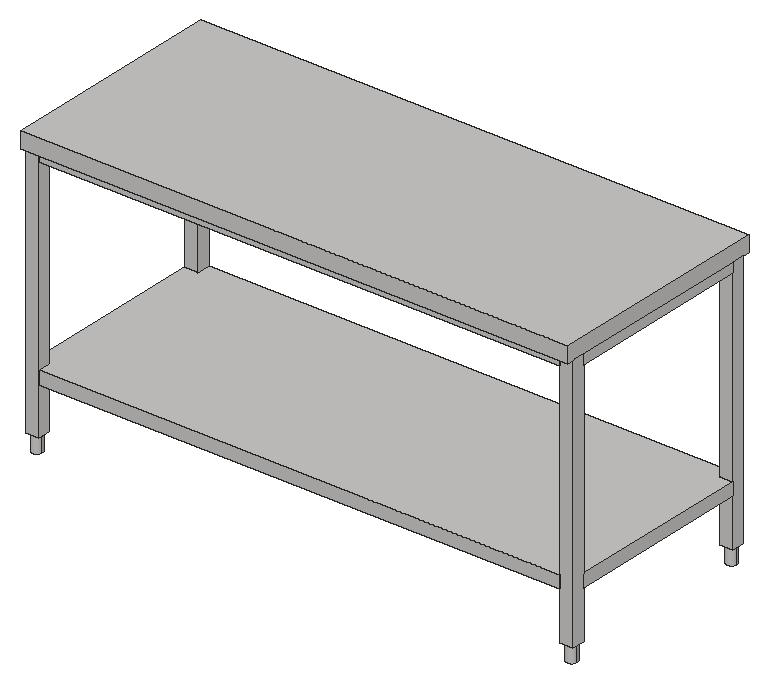
Revit family "QF_ELECTROLUXPROFESSIONAL_134089_LSGTG1700E", category Attrezzature speciali, Revit 2020
Family settings
  Quota connettore circolare = Usa diametro
  Tipo di parte = Normale
  Basato su piano di lavoro = No
  Sempre verticale = Sì
  Taglio con vuoti quando caricato = No
  Condiviso = No
  Punto di calcolo locali = No
Parameters (values of type "Standard")
  Weight = 54.50 kg
  Watts = 0 W
  Volts = 0 V
  URL Manufacturer = "https://www.electroluxprofessional.com/"
  URL = "https://www.electroluxprofessional.com/"
  Steam Supply Size = 0 mm
  Steam Supply Minimum Pressure = 0.0 Pa
  Steam Supply Maximum Pressure = 0.0 Pa
  Steam Consumption per Hour = 0
  Refrigeration Suction Line Size = 0.0 mm
  Refrigeration Liquid Line Size = 0.0 mm
  Refrigerant Compressor Remote = yes
  Prospetto di default = 0.0 mm
  Produttore = "Electrolux Professional"
  Phase = 0
  Modello = "LSGTG1700E"
  Length Actual = 1700.0 mm  # constant formula
  Item Number = "134089"
  Hot Water Size = 0 mm
  Height Actual = 900.0 mm  # constant formula
  HP = "0 HP"
  Gas Size = 0 mm
  Gas KW = 0
  Gas Input Pressure = 0 W
  Direct Waste Size = 0 mm
  Descrizione = "WORK TABLE 1700 MM WITH LOWER SHELF"
  Depth Actual = 700.0 mm  # constant formula
  Cycle = 0 Hz
  Condensate Return Size = 0 mm
  Compressed Air Volume = 0.0 L/s
  Compressed Air Size = 0 mm
  Compressed Air Pressure = 0.0 Pa
  Cold Water Size = 0 mm
  Accessory = yes
Reference planes
  plane 1 "Center (Front/Back)": y = 0
  plane 2: z = 0
  plane 3 "Center (Left/Right)": x = -350
  plane 4 "LEFT": x = -1200
  plane 5 "RIGHT": x = 500
  plane 6 "BACK": y = 350
  plane 7 "FRONT": y = -350
  plane 8 "Base": z = 850
  plane 9 "TOP": z = 900
  plane 10: x = -1180
  plane 11: x = 480
  plane 12: y = 310
  plane 13: y = -310
  plane 14 "TRAVERSI": z = 820
  plane 15: x = -1160
  plane 16: x = 460
  plane 17: y = 290
  plane 18: y = -290
  plane 19: y = 330
  plane 20: y = -330
  plane 21 "Plane": z = 200
Forms (mm)
  Extrusion 1, solid, material "QF_Finishes_Stainless Steel"
    sketch origin (-350, 0, 0) x (0, 1, 0) y (0, 0, 1)
      loop
        line (-350, 850) -> (350, 850) -> (350, 900) -> (-350, 900) -> (-350, 850)
    from 850 to -850
  Extrusion 2, solid, material "QF_Finishes_Stainless Steel"
    sketch origin (0, 0, 820) x (0, 1, 0) y (-1, 0, 0)
      loop
        line (290, -460) -> (-290, -460) -> (-290, -500) -> (290, -500) -> (290, -460)
      loop
        line (290, 1200) -> (-290, 1200) -> (-290, 1160) -> (290, 1160) -> (290, 1200)
    from 0 to 30
  Extrusion 3, solid, material "QF_Finishes_Stainless Steel"
    sketch origin (0, 0, 820) x (0, 1, 0) y (-1, 0, 0)
      loop
        line (330, -460) -> (330, 1160) -> (290, 1160) -> (290, -460) -> (330, -460)
      loop
        line (-290, 1160) -> (-330, 1160) -> (-330, -460) -> (-290, -460) -> (-290, 1160)
    from 0 to 30
  Extrusion 4, solid, material "QF_Finishes_Stainless Steel"
    sketch origin (0, 0, 200) x (0, 1, 0) y (-1, 0, 0)
      loop
        line (290, 1200) -> (-290, 1200) -> (-290, 1160) -> (-330, 1160) -> (-330, -460) -> (-290, -460) -> (-290, -500) -> (290, -500) -> (290, -460) -> (330, -460) -> (330, 1160) -> (290, 1160) -> (290, 1200)
    from 0 to 40
Lines and regions (mm)
  symbolic lines
    curve 1: line (500, 350, 900) -> (-1200, 350, 900)
    curve 2: line (-1200, 350, 900) -> (-1200, -350, 900)
    curve 3: line (-1200, -350, 900) -> (500, -350, 900)
    curve 4: line (500, -350, 900) -> (500, 350, 900)
Dimensions and locks
  plane 4 "LEFT" to plane 5 "RIGHT" = 1700.0 mm
  equal spacing: plane 4 "LEFT", plane 3 "Center (Left/Right)", plane 5 "RIGHT"
  locked: plane 8 "Base" to level at 850
  plane 4 "LEFT" to plane 10 = 20.0 mm
  plane 11 to plane 5 "RIGHT" = 20.0 mm
  plane 10 to plane 11 = 1660.0 mm
  locked: plane 9 "TOP" to level at 900
  plane 6 "BACK" to plane 12 = 40.0 mm
  plane 13 to plane 7 "FRONT" = 40.0 mm
  plane 6 "BACK" to plane 7 "FRONT" = 700.0 mm
  plane 12 to plane 13 = 620.0 mm
  equal spacing: plane 6 "BACK", plane 1 "Center (Front/Back)", plane 7 "FRONT"
  plane 8 "Base" to plane 14 "TRAVERSI" = 30.0 mm
  locked: plane 10 to plane 15 at 20
  locked: plane 16 to plane 11 at 20
  locked: plane 19 to plane 12 at 20
  locked: plane 12 to plane 17 at 20
  locked: plane 18 to plane 13 at 20
  locked: plane 13 to plane 20 at 20
  plane 21 "Plane" to level = 200.0 mm
  aligned and locked: level to plane 2
  aligned and locked: plane 10 to nested 1
  aligned and locked: nested 1 to plane 13
  aligned and locked: plane 11 to nested 2
  aligned and locked: nested 2 to plane 13
  aligned and locked: plane 11 to nested 4
  aligned and locked: nested 4 to plane 12
  aligned and locked: plane 10 to nested 3
  aligned and locked: nested 3 to plane 12
  aligned and locked: Extrusion 1 to plane 4 "LEFT"
  aligned and locked: plane 5 "RIGHT" to Extrusion 1
  aligned and locked: curve 2 to plane 4 "LEFT"
  aligned and locked: Extrusion 2 sketch curve to plane 5 "RIGHT"
  aligned and locked: Extrusion 2 sketch curve to plane 17  (x2)
  aligned and locked: plane 16 to Extrusion 2 sketch curve
  aligned and locked: plane 18 to Extrusion 2 sketch curve  (x2)
  aligned and locked: plane 4 "LEFT" to Extrusion 2 sketch curve
  aligned and locked: Extrusion 2 sketch curve to plane 15
  aligned and locked: plane 19 to Extrusion 3 sketch curve
  aligned and locked: Extrusion 3 sketch curve to plane 17
  aligned and locked: Extrusion 3 sketch curve to plane 18
  aligned and locked: plane 20 to Extrusion 3 sketch curve
  aligned and locked: Extrusion 3 sketch curve to plane 15
  aligned and locked: plane 15 to Extrusion 3 sketch curve
  aligned and locked: plane 16 to Extrusion 3 sketch curve
  aligned and locked: Extrusion 3 sketch curve to plane 16
  aligned and locked: Extrusion 4 sketch curve to plane 19
  aligned and locked: Extrusion 4 sketch curve to plane 5 "RIGHT"
  aligned and locked: Extrusion 4 sketch curve to plane 20
  aligned and locked: plane 4 "LEFT" to Extrusion 4 sketch curve
  aligned and locked: Extrusion 4 sketch curve to plane 17  (x2)
  aligned and locked: plane 15 to Extrusion 4 sketch curve
  aligned and locked: Extrusion 4 sketch curve to plane 16
  aligned and locked: Extrusion 4 sketch curve to plane 18  (x2)
  aligned and locked: plane 16 to Extrusion 4 sketch curve
  aligned and locked: Extrusion 4 sketch curve to plane 15
Automatic sketch dimensions
  Extrusion 1 sketch curve to plane 7 "FRONT" = 0.0 mm
  Extrusion 1 sketch curve to plane 8 "Base" = 0.0 mm
  curve 3 to plane 7 "FRONT" = 0.0 mm
  curve 4 to plane 6 "BACK" = 0.0 mm
  Extrusion 1 sketch curve to plane 9 "TOP" = 0.0 mm
  Extrusion 1 sketch curve to plane 6 "BACK" = 0.0 mm
  curve 4 to plane 5 "RIGHT" = 0.0 mm
Nested families
  nested 1: "FEET_40x40_P50" at (-1180, -310, 0), type "FEET_40x40_P50"
  nested 2: "FEET_40x40_P50" at (480, -310, 0), type "FEET_40x40_P50"
  nested 3: "FEET_40x40_P50" at (-1180, 310, 0), type "FEET_40x40_P50"
  nested 4: "FEET_40x40_P50" at (480, 310, 0), type "FEET_40x40_P50"
Definition of nested family "FEET_40x40_P50"
  Parameters
    Default Elevation = 0.0 mm
    FEET = 850.0 mm
  Reference planes
    plane 1 "Center (Front/Back)": y = 0
    plane 2: z = 0
    plane 3 "Center (Left/Right)": x = 0
    plane 4: z = 850
  Forms (mm)
    Extrusion 1, solid
      sketch origin (0, 0, 0) x (1, 0, 0) y (0, 1, 0)
        loop
          line (-20, -20) -> (20, -20) -> (20, 20) -> (-20, 20) -> (-20, -20)
      from 50 to 850
    Extrusion 2, solid
      sketch origin (0, 0, 0) x (1, 0, 0) y (0, 1, 0)
        loop
          circle (0, 0) r 16
      from 0 to 50
  Lines and regions (mm)
    symbolic lines
      curve 1: line (0, -1.503, 0) -> (0, 1.508, 0)
      curve 2: line (1.561, 0, 0) -> (-1.439, 0, 0)
  Dimensions and locks
    "FEET": plane 4 to plane 2
    aligned and locked: level to plane 2
  Automatic sketch dimensions
    Extrusion 1 sketch curve to plane 3 "Center (Left/Right)" = 20.0 mm
    plane 3 "Center (Left/Right)" to Extrusion 1 sketch curve = 20.0 mm
    plane 1 "Center (Front/Back)" to Extrusion 1 sketch curve = 20.0 mm
    Extrusion 1 sketch curve to plane 1 "Center (Front/Back)" = 20.0 mm
    plane 1 "Center (Front/Back)" to Extrusion 2 sketch curve = 0.0 mm
    Extrusion 2 sketch curve to plane 3 "Center (Left/Right)" = 0.0 mm
    plane 1 "Center (Front/Back)" to curve 2 = 0.0 mm
    curve 1 to plane 3 "Center (Left/Right)" = 0.0 mm
    curve 2 to plane 3 "Center (Left/Right)" = 1.439 mm
    plane 3 "Center (Left/Right)" to curve 2 = 1.561 mm
    plane 1 "Center (Front/Back)" to curve 1 = 1.503 mm
    curve 1 to plane 1 "Center (Front/Back)" = 1.508 mm
    radius of Extrusion 2 sketch curve = 16.0 mm
